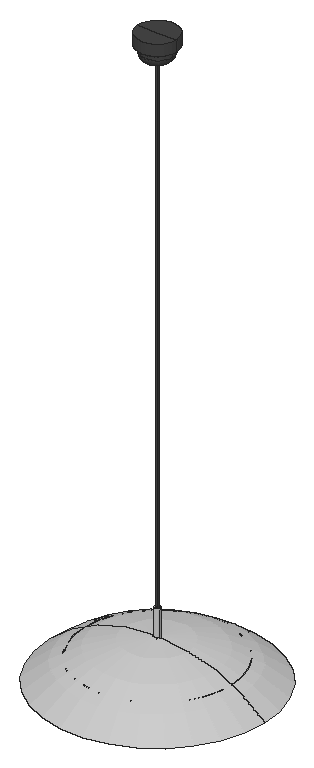
Revit family "Willow 16,20,24,30 LED", category Lighting Fixtures, Revit 2020
Family settings
  Round Connector Dimension = Use Diameter
  Part Type = Normal
  OmniClass Number = 23.80.70.00
  OmniClass Title = Lighting
  Work Plane-Based = No
  Always vertical = Yes
  Cut with Voids When Loaded = No
  Light Source = Yes
  Shared = No
  Room Calculation Point = No
Parameters (values of type "MDW30")
  Weight = "6.5 lbs"
  Wattage Comments = "24W"
  Wattage = 2.4 W
  Warranty = "5 year limited warranty"  # constant formula
  built-in parameter 1150110 = 1 (stored number, unit not read)
  Voltage = 277 V
  URL = "https://www.anplighting.com/assets/Uploads/product-attachments/specification-sheets/ANP-Specification-Sheet-LED-MDW30.pdf"
  built-in parameter 1114217 = 1 (stored number, unit not read)
  Tilt Angle = 90.00°
  built-in parameter 1150109 = 1 (stored number, unit not read)
  built-in parameter 1150134 = (empty or 0)
  built-in parameter 1150113 = 1 (stored number, unit not read)
  Mounting Option [instance] = 1
  Power Factor = 1
  Post Mount [instance] = Mounting Option = 5  # no
  Placement X axis side [instance] = if(Post Mount, 2' 2 15/32", if(Cord or Stem Mount, 0' 0", if(E36 20 inch, 1' 8 1/4", if(E 6 26 inch, 2' 2", if(E7 41 inch, 3' 5 1/4", 0' 1")))))  # 0' - 0"
  Photometric Web File = "MDO24M024LD35K.IES"
  Model = "MDW30"
  Manufacturer = "ANP Lighting"  # constant formula
  MDW30 = yes
  MDW24 = no
  MDW20 = no
  MDW16 = no
  built-in parameter 1150105 = 3000 (stored number, unit not read)
  Lumens = 3000 lm
  built-in parameter 1150115 = 1 (stored number, unit not read)
  Load Classification = Lighting
  Light Source Height [instance] = 0' - 7 3/4"
  built-in parameter 1150137 = (empty or 0)
  built-in parameter 1150139 = (empty or 0)
  Light Elevation _2 [instance] = if(Post Mount, 0' 0.66142", if(E7 41 inch, 0' 0.66142", if(E36 20 inch, 0' 1.65748", if(E 6 26 inch, 0' 1.53543", if(Cord or Stem Mount, (0' 4.3622" + Cord Length), 0' 0")))))  # 6' - 4.3622"
  Light Elevation _1 [instance] = if(Post Mount, 0' 0", if(E7 41 inch, 0' 0", if(E36 20 inch, 0' 1", if(E 6 26 inch, 0' 0.87402", if(Cord or Stem Mount, (0' 3.66142" + Cord Length), 0' 0")))))  # 6' - 3.66142"
  Light Elevation [instance] = if(Post Mount, 14' 0.5315", if(E7 41 inch, 0' 0", 0' 0"))  # 0' - 0"
  Life = "L70 50,000 hours"  # constant formula
  built-in parameter 1150112 = 1 (stored number, unit not read)
  built-in parameter 1150114 = 1 (stored number, unit not read)
  Lamp = "LED"
  built-in parameter 1150132 = 2
  built-in parameter 1150102 = (empty or 0)
  built-in parameter 1150107 = 3500 (stored number, unit not read)
  built-in parameter 1150138 = (empty or 0)
  built-in parameter 1150106 = 30 (stored number, unit not read)
  GLASS = Glass
  Fixture Height = 0' - 8 1/2"
  Fixture Finish = Fixture Finish
  Fixture Diameter = 2' - 6"
  Efficiency = "65-125 lumens per watt"  # constant formula
  built-in parameter 1150104 = 116.13 (stored number, unit not read)
  E7 41 inch [instance] = Mounting Option = 4  # no
  E36 20 inch [instance] = Mounting Option = 3  # no
  E 6 26 inch [instance] = Mounting Option = 2  # no
  Dimming Lamp Color Temperature Shift = <None>
  Dimming = "1%"  # constant formula
  Description = "120-277 Voltage"  # constant formula
  Default Elevation = 0' - 0"
  Cord or Stem Mount [instance] = Mounting Option = 1  # yes
  Cord Length option [instance] = 0
  Cord Length [instance] = if([2' Cord], 2' 0", if([4' Cord], 4' 0", if([8' Cord], 8' 0", if([10' Cord], 10' 0", if([6' Cord], 6' 0", 6' 0")))))  # 6' - 0"
  Construction Material = "Heavy Duty spun aluminum."  # constant formula
  Color Filter = 16777215
  CRI = ">90"  # constant formula
  Body Material = body
  Body Colour = "Spun aluminium"  # constant formula
  built-in parameter 1114218 = 1 (stored number, unit not read)
  built-in parameter 1150133 = 10 (stored number, unit not read)
  Apparent Load = 24 VA
  8' Cord [instance] = Cord Length option = 8  # no
  6' Cord [instance] = Cord Length option = 6  # no
  4' Cord [instance] = Cord Length option = 4  # no
  2' Cord [instance] = Cord Length option = 2  # no
  10' Cord [instance] = Cord Length option = 10  # no
Types (5): name | Weight | Wattage Comments | Wattage | URL | Photometric Web File | Model | MDW30 | MDW24 | MDW20 | MDW16 | built-in parameter 1150105 | Lumens | Light Source Height | built-in parameter 1150106 | Fixture Height | Fixture Diameter | Apparent Load
  (no name) | "6.5 lbs" | "24W" | 2.4 W | "https://www.anplighting.com/assets/Uploads/product-attachments/specification-sheets/ANP-Specification-Sheet-LED-MDW30.pdf" | "MDO24M024LD35K.IES" | "MDW30" | yes | no | no | no | 3000 (stored number, unit not read) | 3000 lm | 0' - 7 3/4" | 30 (stored number, unit not read) | 0' - 8 1/2" | 2' - 6" | 24 VA
  MDW16 | "5 lbs" | "16W" | 1.6 W | "https://www.anplighting.com/assets/Uploads/product-attachments/specification-sheets/ANP-Specification-Sheet-LED-MDW16.pdf" | "MDW16M016LD35K.IES" | "MDW16" | no | no | no | yes | 159.15 (stored number, unit not read) | 2000 lm | 0' - 4" | 1.5915 (stored number, unit not read) | 0' - 4 1/2" | 1' - 4" | 16 VA
  MDW20 | "5.5 lbs" | "16W" | 1.6 W | "https://www.anplighting.com/assets/Uploads/product-attachments/specification-sheets/ANP-Specification-Sheet-LED-MDW20.pdf" | "MDW16M016LD35K.IES" | "MDW20" | no | no | yes | no | 2000 (stored number, unit not read) | 2000 lm | 0' - 4 1/2" | 20 (stored number, unit not read) | 0' - 5 1/2" | 1' - 8" | 16 VA
  MDW24 | "6.0 lbs" | "24W" | 2.4 W | "https://www.anplighting.com/assets/Uploads/product-attachments/specification-sheets/ANP-Specification-Sheet-LED-MDW24.pdf" | "MDW24M024LD35K.IES" | "MDW24" | no | yes | no | no | 3000 (stored number, unit not read) | 3000 lm | 0' - 6" | 30 (stored number, unit not read) | 0' - 6 1/2" | 2' - 0" | 24 VA
  MDW30 | "6.5 lbs" | "24W" | 2.4 W | "https://www.anplighting.com/assets/Uploads/product-attachments/specification-sheets/ANP-Specification-Sheet-LED-MDW30.pdf" | "MDO24M024LD35K.IES" | "MDW30" | yes | no | no | no | 3000 (stored number, unit not read) | 3000 lm | 0' - 7 3/4" | 30 (stored number, unit not read) | 0' - 8 1/2" | 2' - 6" | 24 VA
Reference planes (in)
  plane 1 "Light Source Axis (F/B)": y = 0
  plane 2: z = 0
  plane 3 "Light Source Axis (L/R)": x = 0
  plane 4 "Light Source Elevation": z = 0
  plane 5: z = 0
  plane 6: x = 0
  plane 7 "Bulb Position": z = -76.3622
  plane 8 "Canopy Position": z = -75.66142
  plane 9 "IES": z = -84.1122
Dimensions and locks (in)
  "Light Elevation": plane 5 to plane 2
  "Placement X axis side": plane 6 to plane 3 "Light Source Axis (L/R)"
  "Light Elevation _2": plane 5 to plane 7 "Bulb Position"
  "Light Elevation _1": plane 5 to plane 8 "Canopy Position"
  "Light Source Height": plane 7 "Bulb Position" to plane 9 "IES"
  locked: plane 4 "Light Source Elevation" to plane 2
  aligned and locked: level to plane 2
  aligned and locked: plane 1 "Light Source Axis (F/B)" to nested 5
  aligned and locked: nested 5 to plane 2
  aligned and locked: nested 1 to plane 3 "Light Source Axis (L/R)"
  aligned and locked: plane 3 "Light Source Axis (L/R)" to nested 2
  aligned and locked: plane 3 "Light Source Axis (L/R)" to nested 4
  aligned and locked: nested 3 to plane 5
  aligned and locked: plane 3 "Light Source Axis (L/R)" to nested 3
  aligned and locked: plane 3 "Light Source Axis (L/R)" to nested 5
  aligned and locked: plane 1 "Light Source Axis (F/B)" to nested 2
  aligned and locked: plane 1 "Light Source Axis (F/B)" to nested 1
  aligned and locked: plane 1 "Light Source Axis (F/B)" to nested 4
  aligned and locked: plane 1 "Light Source Axis (F/B)" to nested 3
  aligned and locked: plane 2 to nested 1
  aligned and locked: plane 2 to nested 2
  aligned and locked: nested 4 to plane 2
  aligned and locked: imposter light to plane 9 "IES"
  aligned and locked: imposter light to plane 6
  aligned and locked: nested 6 to plane 8 "Canopy Position"
  aligned and locked: nested 7 to plane 8 "Canopy Position"
  aligned and locked: nested 8 to plane 8 "Canopy Position"
  aligned and locked: nested 9 to plane 8 "Canopy Position"
  aligned and locked: nested 6 to plane 6
  aligned and locked: nested 7 to plane 6
  aligned and locked: nested 8 to plane 6
  aligned and locked: nested 9 to plane 6
Nested families (in)
  nested 1: "CORD OR STEM MOUNT" at (0, 0, -75.67), visible <- "Cord or Stem Mount", Cord or Stem Mount <- "Cord or Stem Mount", Body Material <- "Body Material", Light Elevation <- "Light Elevation", Cord Length <- "Cord Length", 10' Cord <- "10' Cord", 2' Cord <- "2' Cord", 4' Cord <- "4' Cord", 6' Cord <- "6' Cord", 8' Cord <- "8' Cord", type "CORD OR STEM MOUNT"
    with Light Elevation 0' - 0", Cord or Stem Mount yes, Cord Length 6' - 0", Body Material body, 8' Cord no, 6' Cord no, 4' Cord no, 2' Cord no, 10' Cord no
  nested 2: "E6 26 INCH" at (0, 0, 0), visible <- "E 6 26 inch", Chain Length <- "Cord Length", E 6 26 inch <- "E 6 26 inch", Placement X axis side <- "Placement X axis side", Body Material <- "Body Material", Light Elevation <- "Light Elevation", type "E6 26 INCH"
    with Placement X axis side 0' - 0", Light Elevation 0' - 0", E 6 26 inch no, Chain Length 6' - 0", Body Material body
  nested 3: "E7 41 INCH" at (0, 0, 0), Chain Length <- "Cord Length", visible <- "E7 41 inch", E7 41 inch <- "E7 41 inch", Placement X axis side <- "Placement X axis side", Body Material <- "Body Material", Light Elevation <- "Light Elevation", type "E7 41 INCH"
    with Placement X axis side 0' - 0", Light Elevation 0' - 0", E7 41 inch no, Chain Length 6' - 0", Body Material body
  nested 4: "E36 20 INCH" at (0, 0, 0), visible <- "E36 20 inch", E36 20 inch <- "E36 20 inch", Placement X axis side <- "Placement X axis side", Chain Length <- "Cord Length", Body Material <- "Body Material", Light Elevation <- "Light Elevation", type "E36 20 INCH"
    with Placement X axis side 0' - 0", Light Elevation 0' - 0", E36 20 inch no, Chain Length 6' - 0", Body Material body
  nested 5: "POST MOUNT" at (0, 0, 0), visible <- "Post Mount", Post Mount <- "Post Mount", Placement X axis side <- "Placement X axis side", Chain Length <- "Cord Length", Body Material <- "Body Material", Light Elevation <- "Light Elevation", type "POST MOUNT"
    with Post Mount no, Placement X axis side 0' - 0", Light Elevation 0' - 0", Chain Length 6' - 0", Body Material body
  nested 6: "MDW16A" at (0, 0, -75.66142), Light Elevation <- "Light Elevation", Body <- "Fixture Finish", MDW16 <- "MDW16", visible <- "MDW16", GLASS <- "GLASS", type "MDW16A"
    with MDW16 no, Light Elevation 0' - 0", GLASS Glass, Body Fixture Finish
  nested 7: "MDW20A" at (0, 0, -75.66142), Light Elevation <- "Light Elevation", Body <- "Fixture Finish", MDW20 <- "MDW20", visible <- "MDW20", GLASS <- "GLASS", type "MDW20A"
    with MDW20 no, Light Elevation 0' - 0", GLASS Glass, Body Fixture Finish
  nested 8: "MDW24A" at (0, 0, -75.66142), Light Elevation <- "Light Elevation", Body <- "Fixture Finish", MDW24 <- "MDW24", visible <- "MDW24", GLASS <- "GLASS", type "MDW24A"
    with MDW24 no, Light Elevation 0' - 0", GLASS Glass, Body Fixture Finish
  nested 9: "MDW30A" at (0, 0, -75.66142), Light Elevation <- "Light Elevation", Body <- "Fixture Finish", MDW30 <- "MDW30", visible <- "MDW30", type "MDW30A"
    with MDW30 yes, Light Elevation 0' - 0", Body Fixture Finish
Definition of nested family "CORD OR STEM MOUNT"
  Parameters (values of type "CORD OR STEM MOUNT")
    URL = ""
    Model = ""
    Manufacturer = ""
    Light Elevation [instance] = 1' - 7.69"
    Default Elevation = 0' - 0"
    Cord or Stem Mount [instance] = yes
    Cord Length [instance] = 6' - 0"
    Body Material [instance] = none
    8' Cord [instance] = no
    6' Cord [instance] = no
    4' Cord [instance] = no
    2' Cord [instance] = no
    10' Cord [instance] = no
  Reference planes (in)
    plane 1 "Light Source Axis (F/B)": y = 0
    plane 2: z = 0
    plane 3 "Light Source Axis (L/R)": x = 0
    plane 4 "Light Source Elevation": z = 23.125
    plane 5: z = 91.69
    plane 6: z = 19.69
  Forms (in)
    Extrusion 1, void, not visible
      sketch origin (0, 0, 2.38154) x (1, 0, 0) y (0, 0, 1)
        loop
          circle (0, 4.59925) r 0.16583
      from 1.18594 to 1.75
    Extrusion 2, void, not visible
      sketch origin (0, 0, 2.38154) x (0.707107, -0.707107, 0) y (0, 0, 1)
        loop
          circle (0, 4.59925) r 0.16583
      from 1.18594 to 1.75
    Extrusion 3, void, not visible
      sketch origin (0, 0, 2.38154) x (0.707107, 0.707107, 0) y (0, 0, 1)
        loop
          circle (0, 4.59925) r 0.16583
      from 1.18594 to 1.75
    Extrusion 4, void, not visible
      sketch origin (0, 0, 2.38154) x (0, 1, 0) y (0, 0, 1)
        loop
          circle (0, 4.59925) r 0.16583
      from 1.18594 to 1.75
    Extrusion 5, void, not visible
      sketch origin (0, 0, 2.38154) x (-0.707107, 0.707107, 0) y (0, 0, 1)
        loop
          circle (0, 4.59925) r 0.16583
      from 1.18594 to 1.75
    Extrusion 6, void, not visible
      sketch origin (0, 0, 2.38154) x (-1, 0, 0) y (0, 0, 1)
        loop
          circle (0, 4.59925) r 0.20678
      from 1.18594 to 1.75
    Extrusion 7, void, not visible
      sketch origin (0, 0, 2.38154) x (-0.707107, -0.707107, 0) y (0, 0, 1)
        loop
          circle (0, 4.59925) r 0.16583
      from 1.18594 to 1.75
    Extrusion 8, void, not visible
      sketch origin (0, 0, 2.38154) x (0, -1, 0) y (0, 0, 1)
        loop
          circle (0, 4.59925) r 0.16583
      from 1.18594 to 1.75
    Revolve 9, solid, material <- "Body Material", visible <- "Cord or Stem Mount"
      sketch origin (0, 0, 174.56698) x (1, 0, 0) y (0, 0, 1)
        loop
          line (2.6875, -79.20698) -> (0, -79.20698) -> (0, -82.87698) -> (0.125, -82.87698) -> (0.125, -82.83698) -> (0.75, -82.83698)
          arc (0.75, -82.83698) -> (0.81694, -82.77004) -> (0.75, -82.7031) r 0.06694
          line (0.75, -82.7031) -> (0.89763, -82.7031) -> (1.00223, -82.5985) -> (1.06587, -82.5985)
          arc (1.06587, -82.5985) -> (1.80099, -82.29401) -> (2.10549, -81.55888) r 1.03962
          line (2.10549, -81.55888) -> (2.10549, -81.03899)
          arc (2.10549, -81.03899) -> (2.12951, -80.981) -> (2.1875, -80.95698) r 0.08201
          line (2.1875, -80.95698) -> (2.1875, -80.70698) -> (2.6875, -80.70698) -> (2.6875, -79.20698)
        axis (0, -79.20698) -> (0, -82.87698)
      angle from 0 to 360
    Revolve 10, solid, material <- "Body Material", visible <- "Cord or Stem Mount"
      sketch origin (0, 0, 0) x (1, 0, 0) y (0, 0, 1)
        loop
          line (0, 91.69) -> (-0.125, 91.69) -> (-0.125, 19.69) -> (0, 19.69) -> (0, 91.69)
        axis (0, 19.69) -> (0, 91.69)
      angle from 0 to 360
  Dimensions and locks (in)
    "Light Elevation": plane 6 to plane 2
    "Cord Length": plane 5 to plane 6
    locked: Revolve 10 sketch curve to Revolve 10 sketch curve at 0.125
    aligned and locked: level to plane 2
    aligned and locked: Revolve 10 sketch curve to plane 3 "Light Source Axis (L/R)"
    aligned and locked: Revolve 10 sketch curve to plane 6
    aligned and locked: Revolve 10 sketch curve to plane 5
    aligned and locked: plane 3 "Light Source Axis (L/R)" to Revolve 10 sketch curve
  Automatic sketch dimensions
    Revolve 9 sketch curve to plane 3 "Light Source Axis (L/R)" = 0' - 0"  (x2)
    Revolve 9 sketch curve to plane 5 = 0' - 0"
    plane 3 "Light Source Axis (L/R)" to Revolve 9 sketch curve = 0' - 0 1/8"
    Revolve 9 sketch curve to plane 5 = 0' - 0.17388"
    Revolve 9 sketch curve to Revolve 9 sketch curve = 0' - 0 5/8"
    Revolve 9 sketch curve to Revolve 9 sketch curve = 0' - 0.14763"
    Revolve 9 sketch curve to plane 5 = 0' - 0.27847"
    Revolve 9 sketch curve to Revolve 9 sketch curve = 0' - 0.1046"
    Revolve 9 sketch curve to Revolve 9 sketch curve = 0' - 0.06364"
    Revolve 9 sketch curve to Revolve 9 sketch curve = 0' - 1.03962"
    Revolve 9 sketch curve to Revolve 9 sketch curve = 0' - 0 21/256"
    Revolve 9 sketch curve to Revolve 9 sketch curve = 0' - 0 1/2"  (x2)
    Revolve 9 sketch curve to Revolve 9 sketch curve = 0' - 0.51989"
    Revolve 9 sketch curve to Revolve 9 sketch curve = 0' - 0 1/4"
    Revolve 9 sketch curve to Revolve 9 sketch curve = 0' - 2.3519"
    Revolve 9 sketch curve to Revolve 9 sketch curve = 0' - 1 1/4"
    Revolve 9 sketch curve to Revolve 9 sketch curve = 0' - 0.04"
    Revolve 10 sketch curve to Revolve 10 sketch curve = 0' - 0 1/2"
    Revolve 10 sketch curve to Revolve 10 sketch curve = 0' - 0.42345"
Definition of nested family "MDW30A"
  Parameters (values of type "MDW30A")
    MDW30 [instance] = yes
    Light Elevation [instance] = 0' - 0"
    GLASS = none
    Default Elevation = 0' - 0"
    Body [instance] = none
  Reference planes (in)
    plane 1 "Center (Front/Back)": y = 0
    plane 2: z = 0
    plane 3 "Center (Left/Right)": x = 0
    plane 4: z = 0
  Dimensions and locks (in)
    "Light Elevation": plane 4 to plane 2
    aligned and locked: plane 2 to level
    aligned and locked: plane 3 "Center (Left/Right)" to nested 1
    aligned and locked: plane 1 "Center (Front/Back)" to nested 1
    aligned and locked: nested 1 to plane 4
  Nested families (in)
    nested 1: "MDW30" at (0, 0, -8.5), Body <- "Body", visible <- "MDW30", MDW30 <- "MDW30", GLASS <- "GLASS", type "MDW30"
      with Body none
  Definition of nested family "MDW30"
    Parameters (values of type "MDW30")
      MDW30 [instance] = yes
      GLASS [instance] = none
      Default Elevation = 0' - 0"
      Body [instance] = none
    Reference planes (in)
      plane 1 "Center (Front/Back)": y = 0
      plane 2: z = 0
      plane 3 "Center (Left/Right)": x = 0
    Forms (in)
      Revolve 1, solid, material <- "Body", visible <- "MDW30"
        sketch origin (-57.62169, 0, 0) x (1, 0, 0) y (0, 0, 1)
          loop
            arc (47.50929, 4.60848) -> (49.78279, 3.89284) -> (51.71695, 2.5) r 7.5
            arc (51.71695, 2.5) -> (52.62971, 1.39757) -> (53.31642, 0.14183) r 7.5
            arc (53.31642, 0.14183) -> (53.40269, 0.03865) -> (53.5315, 0) r 0.234
            line (53.5315, 0) -> (54.62169, 0) -> (54.62169, 0.08) -> (53.5315, 0.08)
            arc (53.5315, 0.08) -> (53.44673, 0.10544) -> (53.38995, 0.17334) r 0.154
            arc (53.38995, 0.17334) -> (52.69591, 1.44248) -> (51.77342, 2.55667) r 7.58
            arc (51.77342, 2.55667) -> (49.81863, 3.96436) -> (47.52088, 4.68763) r 7.58
            arc (47.52088, 4.68763) -> (47.42667, 4.73931) -> (47.38919, 4.84001) r 0.154
            line (47.38919, 4.84001) -> (47.38919, 5.96875) -> (47.30919, 5.96875) -> (47.30919, 4.84001)
            arc (47.30919, 4.84001) -> (47.36614, 4.687) -> (47.50929, 4.60848) r 0.234
          axis (57.62169, 0) -> (57.62169, 5.96875)
        angle from 0 to 360
      Revolve 2, solid, material <- "Body", visible <- "MDW30"
        sketch origin (-36.56952, 0, 0) x (1, 0, 0) y (0, 0, 1)
          loop
            line (34.47311, 2.72353) -> (33.38868, 0.3137)
            arc (33.38868, 0.3137) -> (33.34257, 0.26003) -> (33.27469, 0.24) r 0.125
            line (33.27469, 0.24) -> (32.44452, 0.24) -> (32.44452, 0.16) -> (33.27469, 0.16)
            arc (33.27469, 0.16) -> (33.386, 0.19285) -> (33.46164, 0.28088) r 0.205
            line (33.46164, 0.28088) -> (34.54606, 2.6907)
            arc (34.54606, 2.6907) -> (34.60878, 2.7637) -> (34.70109, 2.79094) r 0.17
            line (34.70109, 2.79094) -> (35.06952, 2.79094) -> (35.06952, 2.87094) -> (34.70109, 2.87094)
            arc (34.70109, 2.87094) -> (34.56534, 2.83088) -> (34.47311, 2.72353) r 0.25
          axis (36.56952, 0.16) -> (36.56952, 2.87094)
        angle from 0 to 360
      Revolve 3, solid, material <- "Body", visible <- "MDW30"
        sketch origin (-92.15477, 0, 0) x (1, 0, 0) y (0, 0, 1)
          loop
            line (77.15477, 2.875) -> (77.27385, 2.875)
            arc (77.27385, 2.875) -> (83.96501, 6.98593) -> (91.68607, 8.42) r 21.50216
            line (91.68607, 8.42) -> (91.95945, 8.42) -> (91.95945, 8.5) -> (91.68607, 8.5)
            arc (91.68607, 8.5) -> (83.89506, 7.04468) -> (77.15477, 2.875) r 21.58216
          axis (92.15477, 8.5) -> (92.15477, 2.875)
        angle from 0 to 360
      Revolve 4, solid, material <- "Body", visible <- "MDW30"
        sketch origin (-36.56952, 0, 0) x (1, 0, 0) y (0, 0, 1)
          loop
            line (36.38202, 12.125) -> (36.19452, 12.125) -> (36.19452, 8.125) -> (36.38202, 8.125) -> (36.38202, 12.125)
          axis (36.56952, 12.125) -> (36.56952, 8.125)
        angle from 0 to 360
      Revolve 5, solid, material <- "GLASS", visible <- "MDW30"
        sketch origin (0, 0, 0) x (1, 0, 0) y (0, 0, 1)
          loop
            line (0, 0.08) -> (0, 0.16) -> (-4.125, 0.16) -> (-4.125, 0.08) -> (0, 0.08)
          axis (0, 0.16) -> (0, 0.08)
        angle from 0 to 360
    Dimensions and locks (in)
      aligned and locked: plane 2 to level
Definition of nested family "E6 26 INCH"
  Parameters (values of type "E6 26 INCH")
    URL = ""
    Placement X axis side [instance] = 2' - 2"
    Model = ""
    Manufacturer = ""
    Light Elevation [instance] = 8' - 4"
    E 6 26 inch [instance] = yes
    Default Elevation = 0' - 0"
    Chain Length [instance] = 0' - 0"
    Body Material [instance] = none
  Reference planes (in)
    plane 1 "Light Source Axis (F/B)": y = 0
    plane 2: z = 0
    plane 3 "Light Source Axis (L/R)": x = 0
    plane 4 "Light Source Elevation": z = 23.125
    plane 5: z = 100
    plane 6: x = -26
    plane 7: z = 99.125
    plane 8: x = -24.12
    plane 9: x = -25.5474
  Forms (in)
    Extrusion 1, void, not visible
      sketch origin (0, 0, 2.38154) x (1, 0, 0) y (0, 0, 1)
        loop
          circle (0, 4.59925) r 0.16583
      from 1.18594 to 1.75
    Extrusion 2, void, not visible
      sketch origin (0, 0, 2.38154) x (0.707107, -0.707107, 0) y (0, 0, 1)
        loop
          circle (0, 4.59925) r 0.16583
      from 1.18594 to 1.75
    Extrusion 3, void, not visible
      sketch origin (0, 0, 2.38154) x (0.707107, 0.707107, 0) y (0, 0, 1)
        loop
          circle (0, 4.59925) r 0.16583
      from 1.18594 to 1.75
    Extrusion 4, void, not visible
      sketch origin (0, 0, 2.38154) x (0, 1, 0) y (0, 0, 1)
        loop
          circle (0, 4.59925) r 0.16583
      from 1.18594 to 1.75
    Extrusion 5, void, not visible
      sketch origin (0, 0, 2.38154) x (-0.707107, 0.707107, 0) y (0, 0, 1)
        loop
          circle (0, 4.59925) r 0.16583
      from 1.18594 to 1.75
    Extrusion 6, void, not visible
      sketch origin (0, 0, 2.38154) x (-1, 0, 0) y (0, 0, 1)
        loop
          circle (0, 4.59925) r 0.20678
      from 1.18594 to 1.75
    Extrusion 7, void, not visible
      sketch origin (0, 0, 2.38154) x (-0.707107, -0.707107, 0) y (0, 0, 1)
        loop
          circle (0, 4.59925) r 0.16583
      from 1.18594 to 1.75
    Extrusion 8, void, not visible
      sketch origin (0, 0, 2.38154) x (0, -1, 0) y (0, 0, 1)
        loop
          circle (0, 4.59925) r 0.16583
      from 1.18594 to 1.75
    Sweep 9, solid, material <- "Body Material", visible <- "E 6 26 inch"
      path origin (-41.25, 0, 168.51693) x (1, 0, 0) y (0, 0, 1)
        loop
          line (17.13, -68.51693) -> (27.68551, -68.51693)
          arc (27.68551, -68.51693) -> (28.47996, -68.34486) -> (29.13202, -67.8595) r 1.92004
          line (29.13202, -67.8595) -> (34.23651, -62.01155)
          arc (34.23651, -62.01155) -> (38.65464, -60.89667) -> (41.25, -64.64193) r 4
          line (41.25, -64.64193) -> (41.25, -69.39193)
      profile origin (-18.84224, 0, 100) x (0, 0, 1) y (0, -1, 0)
        loop
          circle (0, 0) r 0.5
    Revolve 10, solid, material <- "Body Material", visible <- "E 6 26 inch"
      sketch origin (-26, 0, 168.51693) x (1, 0, 0) y (0, 0, 1)
        loop
          line (0, -66.07943) -> (0, -68.51693) -> (1.88, -68.51693) -> (1.88, -67.69272) -> (0.4526, -67.69272) -> (0.4526, -66.54122) -> (0.33125, -66.54122) -> (0.33125, -66.07943) -> (0, -66.07943)
        axis (0, -68.51693) -> (1.88, -68.51693)
      angle from 0 to 360
    Extrusion 11, solid, material <- "Body Material", visible <- "E 6 26 inch"
      sketch origin (-26, 0, 168.51693) x (0, -1, 0) y (0, 0, -1)
        loop
          line (0.25, 68.51693) -> (0.25, 69.51693) -> (-0.25, 69.51693) -> (-0.25, 68.51693) -> (0.25, 68.51693)
      from 0.4526 to 1.88
  Cuts and joins
    joined: Revolve 10, Extrusion 11
  Dimensions and locks (in)
    "Light Elevation": plane 5 to plane 2
    "Placement X axis side": plane 3 "Light Source Axis (L/R)" to plane 6
    locked: plane 5 to plane 7 at 0.875
    Revolve 10 sketch curve to Revolve 10 sketch curve to Revolve 10 sketch curve to plane 6 = 0' - 1.4274" locked, 0' - 0.12135" locked, 0' - 0.33125" locked
    Revolve 10 sketch curve to Revolve 10 sketch curve to Revolve 10 sketch curve to plane 5 = 0' - 0.46179" locked, 0' - 1.1515" locked, 0' - 0 211/256" locked
    locked: Sweep 9 sketch curve to plane 6 at 1.88
    locked: Sweep 9 sketch curve to Sweep 9 sketch curve at 10.55551
    locked: Sweep 9 sketch curve to Sweep 9 sketch curve at 13.56449
    locked: Sweep 9 sketch curve to Sweep 9 sketch curve at 4.75
    locked: plane 9 to plane 6 at 0.4526
    locked: plane 8 to plane 9 at 1.4274
    aligned and locked: level to plane 2
    aligned and locked: Revolve 10 sketch curve to plane 6
    aligned and locked: plane 5 to Revolve 10 sketch curve
    aligned and locked: Revolve 10 sketch curve to plane 5
    aligned and locked: cut or joined group of Revolve 10, Extrusion 11 to plane 9
    aligned and locked: plane 8 to cut or joined group of Revolve 10, Extrusion 11
  Automatic sketch dimensions
    Sweep 9 sketch curve to plane 5 = 0' - 0"
    Sweep 9 sketch curve to Sweep 9 sketch curve = 0' - 4"
    Sweep 9 sketch curve to Sweep 9 sketch curve = 0' - 3.01349"
    plane 5 to Sweep 9 sketch curve = 0' - 0.65743"
    Sweep 9 sketch curve to Sweep 9 sketch curve = 0' - 1.4465"
    Sweep 9 sketch curve to plane 5 = 0' - 0 7/8"
    profile plane to Sweep 9 sketch curve = 0' - 0"
    Sweep 9 sketch curve to profile plane = 0' - 0"
    plane 6 to Revolve 10 sketch curve = 0' - 0.62562"
    Revolve 10 sketch curve to Revolve 10 sketch curve = 0' - 0 1/2"
    Extrusion 11 sketch curve to plane 5 = 0' - 0"
    plane 1 "Light Source Axis (F/B)" to Extrusion 11 sketch curve = 0' - 0 1/4"
    Extrusion 11 sketch curve to plane 1 "Light Source Axis (F/B)" = 0' - 0 1/4"
    plane 5 to Extrusion 11 sketch curve = 0' - 1"
    radius of Sweep 9 sketch curve = 0' - 0 1/2"
Definition of nested family "E7 41 INCH"
  Parameters (values of type "E7 41 INCH")
    URL = ""
    Placement X axis side [instance] = 4' - 2"
    Model = ""
    Manufacturer = ""
    Light Elevation [instance] = 8' - 4"
    E7 41 inch [instance] = yes
    Default Elevation = 0' - 0"
    Chain Length [instance] = 0' - 0"
    Body Material [instance] = none
  Reference planes (in)
    plane 1 "Light Source Axis (F/B)": y = 0
    plane 2: z = 0
    plane 3 "Light Source Axis (L/R)": x = 0
    plane 4 "Light Source Elevation": z = 23.125
    plane 5: z = 100
    plane 6: x = -50
  Forms (in)
    Extrusion 1, void, not visible
      sketch origin (0, 0, 2.38154) x (1, 0, 0) y (0, 0, 1)
        loop
          circle (0, 4.59925) r 0.16583
      from 1.18594 to 1.75
    Extrusion 2, void, not visible
      sketch origin (0, 0, 2.38154) x (0.707107, -0.707107, 0) y (0, 0, 1)
        loop
          circle (0, 4.59925) r 0.16583
      from 1.18594 to 1.75
    Extrusion 3, void, not visible
      sketch origin (0, 0, 2.38154) x (0.707107, 0.707107, 0) y (0, 0, 1)
        loop
          circle (0, 4.59925) r 0.16583
      from 1.18594 to 1.75
    Extrusion 4, void, not visible
      sketch origin (0, 0, 2.38154) x (0, 1, 0) y (0, 0, 1)
        loop
          circle (0, 4.59925) r 0.16583
      from 1.18594 to 1.75
    Extrusion 5, void, not visible
      sketch origin (0, 0, 2.38154) x (-0.707107, 0.707107, 0) y (0, 0, 1)
        loop
          circle (0, 4.59925) r 0.16583
      from 1.18594 to 1.75
    Extrusion 6, void, not visible
      sketch origin (0, 0, 2.38154) x (-1, 0, 0) y (0, 0, 1)
        loop
          circle (0, 4.59925) r 0.20678
      from 1.18594 to 1.75
    Extrusion 7, void, not visible
      sketch origin (0, 0, 2.38154) x (-0.707107, -0.707107, 0) y (0, 0, 1)
        loop
          circle (0, 4.59925) r 0.16583
      from 1.18594 to 1.75
    Extrusion 8, void, not visible
      sketch origin (0, 0, 2.38154) x (0, -1, 0) y (0, 0, 1)
        loop
          circle (0, 4.59925) r 0.16583
      from 1.18594 to 1.75
    Revolve 9, solid, material <- "Body Material", visible <- "E7 41 inch"
      sketch origin (-41.25, 0, 168.39193) x (1, 0, 0) y (0, 0, 1)
        loop
          line (-8.75, -66.20443) -> (-8.75, -68.51693) -> (-6.87, -68.51693) -> (-6.87, -67.69272) -> (-8.2974, -67.69272) -> (-8.2974, -66.54122) -> (-8.41875, -66.54122) -> (-8.41875, -66.20443) -> (-8.75, -66.20443)
        axis (-8.75, -68.51693) -> (-6.87, -68.51693)
      angle from 0 to 360
    Extrusion 10, solid, material <- "Body Material", visible <- "E7 41 inch"
      sketch origin (-41.25, 0, 168.39193) x (0, -1, 0) y (0, 0, -1)
        loop
          line (0.25, 68.51693) -> (0.25, 69.51693) -> (-0.25, 69.51693) -> (-0.25, 68.51693) -> (0.25, 68.51693)
      from -8.2974 to -6.87
    Sweep 11, solid, material <- "Body Material", visible <- "E7 41 inch"
      path origin (-41.25, 0, 168.39193) x (1, 0, 0) y (0, 0, 1)
        loop
          line (-6.87, -68.51693) -> (16.04011, -68.51693)
          arc (16.04011, -68.51693) -> (17.864, -68.13651) -> (19.38375, -67.0587) r 4.5625
          line (19.38375, -67.0587) -> (24.70217, -61.33018)
          arc (24.70217, -61.33018) -> (29.64465, -60.20324) -> (32.5, -64.39193) r 4.5
          line (32.5, -64.39193) -> (32.5, -68.39193)
      profile origin (-36.66494, 0, 99.875) x (0, 0, 1) y (0, -1, 0)
        loop
          circle (0, 0) r 0.5
  Dimensions and locks (in)
    "Placement X axis side": plane 3 "Light Source Axis (L/R)" to plane 6
    "Light Elevation": plane 5 to plane 2
    locked: Revolve 9 sketch curve to Revolve 9 sketch curve at 0.33125
    locked: Revolve 9 sketch curve to Revolve 9 sketch curve at 0.4526
    locked: Revolve 9 sketch curve to Revolve 9 sketch curve at 1.88
    locked: Revolve 9 sketch curve to Revolve 9 sketch curve at 0.82421
    locked: Revolve 9 sketch curve to Revolve 9 sketch curve at 1.1515
    locked: Revolve 9 sketch curve to Revolve 9 sketch curve at 0.33679
    locked: plane 5 to Revolve 9 sketch curve at 0.125
    locked: Extrusion 10 sketch curve to Extrusion 10 sketch curve at 0.5
    locked: Extrusion 10 sketch curve to Extrusion 10 sketch curve at 1
    locked: plane 5 to Extrusion 10 sketch curve at 0.125
    locked: plane 5 to Sweep 11 sketch curve at 0.125
    locked: Sweep 11 sketch curve to Sweep 11 sketch curve at 39.37
    locked: Sweep 11 sketch curve to Sweep 11 sketch curve at 4
    locked: plane 6 to Extrusion 10 at 0.4526
    locked: Sweep 11 sketch curve to plane 6 at 1.88
    locked: Extrusion 10 to Extrusion 10 at 1.4274
    aligned and locked: plane 2 to level
    aligned and locked: Revolve 9 sketch curve to plane 6
  Automatic sketch dimensions
    Revolve 9 sketch curve to plane 5 = 0' - 0 1/8"
    plane 6 to Revolve 9 sketch curve = 0' - 0.62562"
    Revolve 9 sketch curve to Revolve 9 sketch curve = 0' - 0 1/2"
    plane 1 "Light Source Axis (F/B)" to Extrusion 10 sketch curve = 0' - 0 1/4"
    Sweep 11 sketch curve to plane 5 = 0' - 0"
    Sweep 11 sketch curve to Sweep 11 sketch curve = 0' - 4 1/2"
    Sweep 11 sketch curve to Sweep 11 sketch curve = 0' - 3.29783"
    plane 5 to Sweep 11 sketch curve = 0' - 1.33323"
    Sweep 11 sketch curve to Sweep 11 sketch curve = 0' - 5.31842"
    Sweep 11 sketch curve to Sweep 11 sketch curve = 0' - 3.34364"
    profile plane to Sweep 11 sketch curve = 0' - 0"
    Sweep 11 sketch curve to profile plane = 0' - 0"
    radius of Sweep 11 sketch curve = 0' - 0 1/2"
Definition of nested family "E36 20 INCH"
  Parameters (values of type "E36 20 INCH")
    URL = ""
    Placement X axis side [instance] = 1' - 8 1/4"
    Model = ""
    Manufacturer = ""
    Light Elevation [instance] = 8' - 4"
    E36 20 inch [instance] = yes
    Default Elevation = 0' - 0"
    Chain Length [instance] = 0' - 0"
    Body Material [instance] = none
  Reference planes (in)
    plane 1 "Light Source Axis (F/B)": y = 0
    plane 2: z = 0
    plane 3 "Light Source Axis (L/R)": x = 0
    plane 4 "Light Source Elevation": z = 23.125
    plane 5: z = 99
    plane 6: x = -20.25
    plane 7: z = 100
    plane 8: x = -18.37008
    plane 9: x = -19.79724
  Forms (in)
    Extrusion 1, void, not visible
      sketch origin (0, 0, 2.38154) x (1, 0, 0) y (0, 0, 1)
        loop
          circle (0, 4.59925) r 0.16583
      from 1.18594 to 1.75
    Extrusion 2, void, not visible
      sketch origin (0, 0, 2.38154) x (0.707107, -0.707107, 0) y (0, 0, 1)
        loop
          circle (0, 4.59925) r 0.16583
      from 1.18594 to 1.75
    Extrusion 3, void, not visible
      sketch origin (0, 0, 2.38154) x (0.707107, 0.707107, 0) y (0, 0, 1)
        loop
          circle (0, 4.59925) r 0.16583
      from 1.18594 to 1.75
    Extrusion 4, void, not visible
      sketch origin (0, 0, 2.38154) x (0, 1, 0) y (0, 0, 1)
        loop
          circle (0, 4.59925) r 0.16583
      from 1.18594 to 1.75
    Extrusion 5, void, not visible
      sketch origin (0, 0, 2.38154) x (-0.707107, 0.707107, 0) y (0, 0, 1)
        loop
          circle (0, 4.59925) r 0.16583
      from 1.18594 to 1.75
    Extrusion 6, void, not visible
      sketch origin (0, 0, 2.38154) x (-1, 0, 0) y (0, 0, 1)
        loop
          circle (0, 4.59925) r 0.20678
      from 1.18594 to 1.75
    Extrusion 7, void, not visible
      sketch origin (0, 0, 2.38154) x (-0.707107, -0.707107, 0) y (0, 0, 1)
        loop
          circle (0, 4.59925) r 0.16583
      from 1.18594 to 1.75
    Extrusion 8, void, not visible
      sketch origin (0, 0, 2.38154) x (0, -1, 0) y (0, 0, 1)
        loop
          circle (0, 4.59925) r 0.16583
      from 1.18594 to 1.75
    Sweep 9, solid, material <- "Body Material", visible <- "E36 20 inch"
      path origin (-41.25, 0, 169.51693) x (1, 0, 0) y (0, 0, 1)
        loop
          line (22.88, -69.51693) -> (28.93827, -69.51693)
          arc (28.93827, -69.51693) -> (29.97705, -69.28152) -> (30.81284, -68.62128) r 2.40953
          line (30.81284, -68.62128) -> (34.13807, -64.50378)
          arc (34.13807, -64.50378) -> (38.58272, -63.24548) -> (41.25, -67.01693) r 4
          line (41.25, -67.01693) -> (41.25, -70.51693)
      profile origin (-15.34086, 0, 100) x (0, 0, 1) y (0, -1, 0)
        loop
          circle (0, 0) r 0.5
    Revolve 10, solid, material <- "Body Material", visible <- "E36 20 inch"
      sketch origin (-20.25, 0, 169.51693) x (1, 0, 0) y (0, 0, 1)
        loop
          line (0, -67.20443) -> (0, -69.51693) -> (1.88, -69.51693) -> (1.88, -68.69272) -> (0.4526, -68.69272) -> (0.4526, -67.54122) -> (0.33125, -67.54122) -> (0.33125, -67.20443) -> (0, -67.20443)
        axis (0, -69.51693) -> (1.88, -69.51693)
      angle from 0 to 360
    Extrusion 11, solid, material <- "Body Material", visible <- "E36 20 inch"
      sketch origin (-20.25, 0, 169.51693) x (0, -1, 0) y (0, 0, -1)
        loop
          line (0.25, 69.51693) -> (0.25, 70.51693) -> (-0.25, 70.51693) -> (-0.25, 69.51693) -> (0.25, 69.51693)
      from 1.87992 to 0.45276
  Cuts and joins
    joined: Revolve 10, Extrusion 11
  Dimensions and locks (in)
    "Light Elevation": plane 7 to plane 2
    "Placement X axis side": plane 3 "Light Source Axis (L/R)" to plane 6
    locked: plane 7 to plane 5 at 1
    Revolve 10 sketch curve to Revolve 10 sketch curve to Revolve 10 sketch curve to plane 7 = 0' - 0.33679" locked, 0' - 1.1515" locked, 0' - 0 211/256" locked
    locked: Sweep 9 sketch curve to plane 6 at 1.88
    locked: Sweep 9 sketch curve to Sweep 9 sketch curve at 6.05827
    locked: Sweep 9 sketch curve to Sweep 9 sketch curve at 12.31173
    locked: Sweep 9 sketch curve to Sweep 9 sketch curve at 3.5
    Revolve 10 sketch curve to Revolve 10 sketch curve to Revolve 10 sketch curve to plane 6 = 0' - 1.4274" locked, 0' - 0.12135" locked, 0' - 0.33125" locked
    locked: plane 9 to plane 6 at 0.45276
    locked: plane 8 to plane 9 at 1.42717
    aligned and locked: level to plane 2
    aligned and locked: plane 7 to Revolve 10 sketch curve
    aligned and locked: Revolve 10 sketch curve to plane 7
    aligned and locked: Revolve 10 sketch curve to plane 6
    aligned and locked: cut or joined group of Revolve 10, Extrusion 11 to plane 9
    aligned and locked: plane 8 to cut or joined group of Revolve 10, Extrusion 11
  Automatic sketch dimensions
    Sweep 9 sketch curve to plane 7 = 0' - 0"
    Sweep 9 sketch curve to plane 5 = 0' - 0"
    Sweep 9 sketch curve to Sweep 9 sketch curve = 0' - 4"
    Sweep 9 sketch curve to plane 7 = 0' - 0.89565"
    Sweep 9 sketch curve to Sweep 9 sketch curve = 0' - 3.32523"
    Sweep 9 sketch curve to Sweep 9 sketch curve = 0' - 1.87457"
    profile plane to Sweep 9 sketch curve = 0' - 0"
    Sweep 9 sketch curve to profile plane = 0' - 0"
    plane 6 to Revolve 10 sketch curve = 0' - 0.62562"
    Revolve 10 sketch curve to Revolve 10 sketch curve = 0' - 0 1/2"
    plane 7 to Extrusion 11 sketch curve = 0' - 0"
    Extrusion 11 sketch curve to plane 5 = 0' - 0"
    plane 1 "Light Source Axis (F/B)" to Extrusion 11 sketch curve = 0' - 0 1/4"
    Extrusion 11 sketch curve to plane 1 "Light Source Axis (F/B)" = 0' - 0 1/4"
    radius of Sweep 9 sketch curve = 0' - 0 1/2"
Definition of nested family "POST MOUNT"
  Parameters (values of type "POST MOUNT")
    URL = ""
    Post Mount [instance] = yes
    Placement X axis side [instance] = 2' - 2 1/2"
    Model = ""
    Manufacturer = ""
    Light Elevation [instance] = 14' - 0.5168"
    Default Elevation = 0' - 0"
    Chain Length [instance] = 0' - 0"
    Body Material [instance] = none
  Reference planes (in)
    plane 1 "Light Source Axis (F/B)": y = 0
    plane 2: z = 0
    plane 3 "Light Source Axis (L/R)": x = 0
    plane 4 "Light Source Elevation": z = 23.125
    plane 5: x = -26.5
    plane 6: z = 168.5168
  Forms (in)
    Extrusion 1, void, not visible
      sketch origin (0, 0, 2.38154) x (1, 0, 0) y (0, 0, 1)
        loop
          circle (0, 4.59925) r 0.16583
      from 1.18594 to 1.75
    Extrusion 2, void, not visible
      sketch origin (0, 0, 2.38154) x (0.707107, -0.707107, 0) y (0, 0, 1)
        loop
          circle (0, 4.59925) r 0.16583
      from 1.18594 to 1.75
    Extrusion 3, void, not visible
      sketch origin (0, 0, 2.38154) x (0.707107, 0.707107, 0) y (0, 0, 1)
        loop
          circle (0, 4.59925) r 0.16583
      from 1.18594 to 1.75
    Extrusion 4, void, not visible
      sketch origin (0, 0, 2.38154) x (0, 1, 0) y (0, 0, 1)
        loop
          circle (0, 4.59925) r 0.16583
      from 1.18594 to 1.75
    Extrusion 5, void, not visible
      sketch origin (0, 0, 2.38154) x (-0.707107, 0.707107, 0) y (0, 0, 1)
        loop
          circle (0, 4.59925) r 0.16583
      from 1.18594 to 1.75
    Extrusion 6, void, not visible
      sketch origin (0, 0, 2.38154) x (-1, 0, 0) y (0, 0, 1)
        loop
          circle (0, 4.59925) r 0.20678
      from 1.18594 to 1.75
    Extrusion 7, void, not visible
      sketch origin (0, 0, 2.38154) x (-0.707107, -0.707107, 0) y (0, 0, 1)
        loop
          circle (0, 4.59925) r 0.16583
      from 1.18594 to 1.75
    Extrusion 8, void, not visible
      sketch origin (0, 0, 2.38154) x (0, -1, 0) y (0, 0, 1)
        loop
          circle (0, 4.59925) r 0.16583
      from 1.18594 to 1.75
    Revolve 9, solid, material <- "Body Material", visible <- "Post Mount"
      sketch origin (-7.90508, 0, 0) x (1, 0, 0) y (0, 0, 1)
        loop
          line (-18.59492, 3.92912) -> (-16.29831, 3.92912) -> (-16.29831, 4.2668) -> (-16.91413, 4.2668) -> (-16.91413, 134.5168) -> (-17.16413, 134.5168) -> (-17.16413, 137.3918) -> (-17.05979, 137.3918)
          arc (-17.05979, 137.3918) -> (-16.93479, 137.5168) -> (-17.05979, 137.6418) r 0.125
          line (-17.05979, 137.6418) -> (-17.48032, 137.6418) -> (-17.48032, 139.0793) -> (-17.73032, 139.0793) -> (-17.73032, 139.5793) -> (-18.59492, 139.5793) -> (-18.59492, 3.92912)
        axis (-18.59492, 139.5793) -> (-18.59492, 3.92912)
      angle from 0 to 360
    Extrusion 10, solid, material <- "Body Material", visible <- "Post Mount"
      sketch origin (0, 0, 0) x (1, 0, 0) y (0, 1, 0)
        loop
          line (-20.5, 5.93079) -> (-32.5, 5.93079) -> (-32.5, -6.06921) -> (-20.5, -6.06921) -> (-20.5, 5.93079)
      from 0 to 3.92912
    Sweep 11, solid, material <- "Body Material", visible <- "Post Mount"
      path origin (0, 0, 48.5) x (1, 0, 0) y (0, 0, 1)
        loop
          line (0, 120.0168) -> (0, 128.0168)
          arc (0, 128.0168) -> (-13.25, 141.2668) -> (-26.5, 128.0168) r 13.25
          line (-26.5, 128.0168) -> (-26.5, 91.0793)
      profile origin (0, 0, 172.5168) x (-1, 0, 0) y (0, -1, 0)
        loop
          circle (0, 0) r 0.5
    Revolve 12, solid, material <- "Body Material", visible <- "Post Mount"
      sketch origin (0, 0, 0) x (1, 0, 0) y (0, 0, 1)
        loop
          line (0, 168.5168) -> (0.75, 168.5168) -> (0.75, 170.7668) -> (0, 170.7668) -> (0, 168.5168)
        axis (0, 170.7668) -> (0, 168.5168)
      angle from 0 to 360
  Cuts and joins
    joined: Revolve 9, Extrusion 10, Sweep 11, Revolve 12
  Dimensions and locks (in)
    "Placement X axis side": plane 3 "Light Source Axis (L/R)" to plane 5
    "Light Elevation": plane 6 to plane 2
    locked: Revolve 12 sketch curve to plane 5 at 26.5  (x2)
    locked: Revolve 9 sketch curve to plane 2 at 3.92912
    locked: Revolve 9 sketch curve to plane 5 at 2.29661
    locked: Revolve 9 sketch curve to plane 5 at 1.68079
    locked: Revolve 9 sketch curve to plane 5 at 1.43079
    locked: Revolve 9 sketch curve to plane 5 at 1.11461
    locked: Revolve 9 sketch curve to plane 5 at 0.86461
    locked: Revolve 9 sketch curve to Revolve 9 sketch curve at 130.58768
    locked: Revolve 9 sketch curve to Revolve 9 sketch curve at 2.875
    locked: Revolve 9 sketch curve to Revolve 9 sketch curve at 0.25
    locked: Revolve 9 sketch curve to Revolve 9 sketch curve at 1.4375
    locked: Revolve 9 sketch curve to Revolve 9 sketch curve at 0.5
    locked: Sweep 11 sketch curve to Sweep 11 sketch curve at 26.5
    locked: Revolve 12 sketch curve to Revolve 12 sketch curve at 0.75
    locked: cut or joined group of Revolve 9, Extrusion 10, Sweep 11, Revolve 12 to plane 2 at 139.5793
    aligned and locked: level to plane 2
    aligned and locked: plane 5 to Sweep 11 sketch curve
    aligned and locked: Revolve 9 sketch curve to plane 5
  Automatic sketch dimensions
    Revolve 9 sketch curve to plane 5 = 0' - 0"
    Revolve 9 sketch curve to Revolve 9 sketch curve = 0' - 0.10434"
    Revolve 9 sketch curve to Revolve 9 sketch curve = 0' - 0.33768"
    Revolve 9 sketch curve to Revolve 9 sketch curve = 0' - 0 1/4"
    Revolve 9 sketch curve to Revolve 9 sketch curve = 0' - 0 7/16"
    Extrusion 10 sketch curve to plane 5 = 0' - 6"
    plane 5 to Extrusion 10 sketch curve = 0' - 6"
    plane 1 "Light Source Axis (F/B)" to Extrusion 10 sketch curve = 0' - 6.06921"
    Extrusion 10 sketch curve to plane 1 "Light Source Axis (F/B)" = 0' - 5.93079"
    Sweep 11 sketch curve to profile plane = 0' - 0"
    profile plane to Sweep 11 sketch curve = 0' - 0"
    Sweep 11 sketch curve to plane 6 = 0' - 0"
    Sweep 11 sketch curve to plane 6 = 0' - 8"
    plane 6 to Sweep 11 sketch curve = 2' - 4 15/16"
    Revolve 12 sketch curve to plane 6 = 0' - 0"
    Revolve 12 sketch curve to plane 6 = 0' - 2 1/4"
    Revolve 12 sketch curve to Revolve 12 sketch curve = 0' - 0 1/2"
    Revolve 12 sketch curve to Revolve 12 sketch curve = 0' - 0"
    radius of Sweep 11 sketch curve = 0' - 0 1/2"
Definition of nested family "MDW16A"
  Parameters (values of type "MDW16A")
    MDW16 [instance] = yes
    Light Elevation [instance] = 0' - 0"
    GLASS [instance] = none
    Default Elevation = 0' - 0"
    Body [instance] = none
  Reference planes (in)
    plane 1 "Center (Front/Back)": y = 0
    plane 2: z = 0
    plane 3 "Center (Left/Right)": x = 0
    plane 4: z = 0
  Dimensions and locks (in)
    "Light Elevation": plane 4 to plane 2
    aligned and locked: plane 2 to level
    aligned and locked: plane 3 "Center (Left/Right)" to nested 1
    aligned and locked: plane 1 "Center (Front/Back)" to nested 1
    aligned and locked: plane 4 to nested 1
  Nested families (in)
    nested 1: "MDW16" at (0, 0, -4.49987), Body <- "Body", visible <- "MDW16", MDW16 <- "MDW16", GLASS <- "GLASS", type "MDW16"
      with MDW16 yes, GLASS none, Body none
  Definition of nested family "MDW16"
    Parameters (values of type "MDW16")
      MDW16 [instance] = yes
      GLASS [instance] = none
      Default Elevation = 0' - 0"
      Body [instance] = none
    Reference planes (in)
      plane 1 "Center (Front/Back)": y = 0
      plane 2: z = 0
      plane 3 "Center (Left/Right)": x = 0
    Forms (in)
      Revolve 1, solid, material <- "Body", visible <- "MDW16"
        sketch origin (-47.36658, 0, -4.65665) x (1, 0, 0) y (0, 0, 1)
          loop
            line (46.11658, 4.65665) -> (46.11658, 4.73665) -> (45.18539, 4.73665)
            arc (45.18539, 4.73665) -> (45.16062, 4.74408) -> (45.14403, 4.76392) r 0.045
            arc (45.14403, 4.76392) -> (44.75342, 5.47201) -> (44.23082, 6.08914) r 4.08
            arc (44.23082, 6.08914) -> (43.19474, 6.81795) -> (41.98506, 7.19386) r 4.08
            arc (41.98506, 7.19386) -> (41.95753, 7.20896) -> (41.94658, 7.23838) r 0.045
            line (41.94658, 7.23838) -> (41.94658, 7.65665) -> (41.86658, 7.65665) -> (41.86658, 7.23838)
            arc (41.86658, 7.23838) -> (41.897, 7.15665) -> (41.97347, 7.1147) r 0.125
            arc (41.97347, 7.1147) -> (43.15943, 6.74617) -> (44.17519, 6.03165) r 4
            arc (44.17519, 6.03165) -> (44.68754, 5.42661) -> (45.0705, 4.73241) r 4
            arc (45.0705, 4.73241) -> (45.11658, 4.67729) -> (45.18539, 4.65665) r 0.125
            line (45.18539, 4.65665) -> (46.11658, 4.65665)
          axis (47.36658, 4.65665) -> (47.36658, 7.65665)
        angle from 0 to 360
      Revolve 2, solid, material <- "Body", visible <- "MDW16"
        sketch origin (-66.51746, 0, -4.65665) x (1, 0, 0) y (0, 0, 1)
          loop
            line (58.51746, 6.15665) -> (58.63678, 6.15665)
            arc (58.63678, 6.15665) -> (62.20787, 8.33146) -> (66.32215, 9.07652) r 11.43042
            line (66.32215, 9.07652) -> (66.32215, 9.15652)
            arc (66.32215, 9.15652) -> (62.13778, 8.39032) -> (58.51746, 6.15665) r 11.51042
          axis (66.51746, 9.15652) -> (66.51746, 6.15665)
        angle from 0 to 360
      Revolve 3, solid, material <- "Body", visible <- "MDW16"
        sketch origin (-34.66336, 0, -4.65678) x (1, 0, 0) y (0, 0, 1)
          loop
            line (34.41336, 9.03165) -> (34.51336, 9.03165) -> (34.51336, 12.03165) -> (34.41336, 12.03165) -> (34.41336, 9.03165)
          axis (34.66336, 12.03165) -> (34.66336, 9.03165)
        angle from 0 to 360
      Revolve 4, solid, material <- "GLASS", visible <- "MDW16"
        sketch origin (0, 0, 0) x (1, 0, 0) y (0, 0, 1)
          loop
            line (0, 0.08) -> (0, 0.1425) -> (-1.25, 0.1425) -> (-1.25, 0.08) -> (0, 0.08)
          axis (0, 0.1425) -> (0, 0.08)
        angle from 0 to 360
    Dimensions and locks (in)
      aligned and locked: plane 2 to level
Definition of nested family "MDW20A"
  Parameters (values of type "MDW20A")
    MDW20 [instance] = yes
    Light Elevation [instance] = 0' - 0"
    GLASS [instance] = none
    Default Elevation = 0' - 0"
    Body [instance] = none
  Reference planes (in)
    plane 1 "Center (Front/Back)": y = 0
    plane 2: z = 0
    plane 3 "Center (Left/Right)": x = 0
    plane 4: z = 0
  Dimensions and locks (in)
    "Light Elevation": plane 4 to plane 2
    aligned and locked: plane 2 to level
    aligned and locked: plane 3 "Center (Left/Right)" to nested 1
    aligned and locked: plane 1 "Center (Front/Back)" to nested 1
    aligned and locked: nested 1 to plane 4
  Nested families (in)
    nested 1: "MDW20" at (0, 0, -5.50011), Body <- "Body", visible <- "MDW20", MDW20 <- "MDW20", GLASS <- "GLASS", type "MDW20"
      with MDW20 yes, Body none
  Definition of nested family "MDW20"
    Parameters (values of type "MDW20")
      MDW20 [instance] = yes
      GLASS [instance] = none
      Default Elevation = 0' - 0"
      Body [instance] = none
    Reference planes (in)
      plane 1 "Center (Front/Back)": y = 0
      plane 2: z = 0
      plane 3 "Center (Left/Right)": x = 0
    Forms (in)
      Revolve 1, solid, material <- "Body", visible <- "MDW20"
        sketch origin (-59.6177, 0, 0) x (1, 0, 0) y (0, 0, 1)
          loop
            line (52.8227, 3.22717) -> (52.8227, 3.75) -> (52.7427, 3.75) -> (52.7427, 3.22717)
            arc (52.7427, 3.22717) -> (52.78073, 3.125) -> (52.87631, 3.07257) r 0.15625
            arc (52.87631, 3.07257) -> (54.3586, 2.61198) -> (55.62821, 1.719) r 5
            arc (55.62821, 1.719) -> (56.2688, 0.96261) -> (56.74759, 0.09471) r 5
            arc (56.74759, 0.09471) -> (56.8052, 0.02581) -> (56.89121, 0) r 0.15625
            line (56.89121, 0) -> (57.4927, 0) -> (57.4927, 0.08) -> (56.89121, 0.08)
            arc (56.89121, 0.08) -> (56.84924, 0.09259) -> (56.82113, 0.12622) r 0.07625
            arc (56.82113, 0.12622) -> (56.33467, 1.008) -> (55.68383, 1.7765) r 5.08
            arc (55.68383, 1.7765) -> (54.3939, 2.68376) -> (52.8879, 3.15172) r 5.08
            arc (52.8879, 3.15172) -> (52.84126, 3.17731) -> (52.8227, 3.22717) r 0.07625
          axis (59.6177, 3.75) -> (59.6177, 0)
        angle from 0 to 360
      Revolve 2, solid, material <- "GLASS", visible <- "MDW20"
        sketch origin (-59.6177, 0, -1.24081) x (1, 0, 0) y (0, 0, 1)
          loop
            line (59.6177, 1.44581) -> (56.8677, 1.44581) -> (56.8677, 1.32081) -> (59.6177, 1.32081) -> (59.6177, 1.44581)
          axis (59.6177, 1.44581) -> (59.6177, 1.32081)
        angle from 0 to 360
      Revolve 3, solid, material <- "Body", visible <- "MDW20"
        sketch origin (-84.6177, 0, 0) x (1, 0, 0) y (0, 0, 1)
          loop
            arc (84.3677, 5.50011) -> (79.14036, 4.54129) -> (74.6177, 1.75025) r 14.38802
            line (74.6177, 1.75025) -> (74.73692, 1.75025)
            arc (74.73692, 1.75025) -> (79.2104, 4.48244) -> (84.3677, 5.42011) r 14.30802
            line (84.3677, 5.42011) -> (84.3677, 5.50011)
          axis (84.6177, 5.50011) -> (84.6177, 1.75025)
        angle from 0 to 360
      Revolve 4, solid, material <- "Body", visible <- "MDW20"
        sketch origin (-59.6177, 0, -4) x (1, 0, 0) y (0, 0, 1)
          loop
            line (59.3677, 13.469) -> (59.3677, 9.469) -> (59.4427, 9.469) -> (59.4427, 13.469) -> (59.3677, 13.469)
          axis (59.6177, 13.469) -> (59.6177, 9.469)
        angle from 0 to 360
    Dimensions and locks (in)
      aligned and locked: plane 2 to level
Definition of nested family "MDW24A"
  Parameters (values of type "MDW24A")
    MDW24 [instance] = yes
    Light Elevation [instance] = 0' - 0"
    GLASS [instance] = none
    Default Elevation = 0' - 0"
    Body [instance] = none
  Reference planes (in)
    plane 1 "Center (Front/Back)": y = 0
    plane 2: z = 0
    plane 3 "Center (Left/Right)": x = 0
    plane 4: z = 0
  Dimensions and locks (in)
    "Light Elevation": plane 4 to plane 2
    aligned and locked: plane 2 to level
    aligned and locked: plane 3 "Center (Left/Right)" to nested 1
    aligned and locked: plane 1 "Center (Front/Back)" to nested 1
    aligned and locked: nested 1 to plane 4
  Nested families (in)
    nested 1: "MDW24" at (0, 0, -6.49805), Body <- "Body", visible <- "MDW24", MDW24 <- "MDW24", GLASS <- "GLASS", type "MDW24"
      with MDW24 yes, Body none
  Definition of nested family "MDW24"
    Parameters (values of type "MDW24")
      MDW24 [instance] = yes
      GLASS [instance] = none
      Default Elevation = 0' - 0"
      Body [instance] = none
    Reference planes (in)
      plane 1 "Center (Front/Back)": y = 0
      plane 2: z = 0
      plane 3 "Center (Left/Right)": x = 0
    Forms (in)
      Revolve 1, solid, material <- "Body", visible <- "MDW24"
        sketch origin (-70.18997, 0, 0) x (1, 0, 0) y (0, 0, 1)
          loop
            line (58.18997, 2) -> (58.30912, 2)
            arc (58.30912, 2) -> (63.65216, 5.27699) -> (69.81497, 6.42) r 17.18562
            line (69.81497, 6.42) -> (69.81497, 6.5)
            arc (69.81497, 6.5) -> (63.58218, 5.33575) -> (58.18997, 2) r 17.26562
          axis (70.18997, 6.5) -> (70.18997, 2)
        angle from 0 to 360
      Revolve 2, solid, material <- "Body", visible <- "MDW24"
        sketch origin (-33.18997, 0, 0) x (1, 0, 0) y (0, 0, 1)
          loop
            line (25.01997, 4.5) -> (24.93997, 4.5) -> (24.93997, 3.87292)
            arc (24.93997, 3.87292) -> (24.98572, 3.75) -> (25.10071, 3.68691) r 0.188
            arc (25.10071, 3.68691) -> (26.87935, 3.13411) -> (28.40277, 2.0625) r 6
            arc (28.40277, 2.0625) -> (29.17123, 1.15508) -> (29.74566, 0.11394) r 6
            arc (29.74566, 0.11394) -> (29.81497, 0.03105) -> (29.91846, 0) r 0.188
            line (29.91846, 0) -> (30.75247, 0) -> (30.75247, 0.08) -> (29.91846, 0.08)
            arc (29.91846, 0.08) -> (29.85901, 0.09784) -> (29.81919, 0.14545) r 0.108
            arc (29.81919, 0.14545) -> (27.93784, 2.56949) -> (25.11231, 3.76606) r 6.08
            arc (25.11231, 3.76606) -> (25.04625, 3.80231) -> (25.01997, 3.87292) r 0.108
            line (25.01997, 3.87292) -> (25.01997, 4.5)
          axis (33.18997, 0) -> (33.18997, 4.5)
        angle from 0 to 360
      Revolve 3, solid, material <- "Body", visible <- "MDW24"
        sketch origin (-48.79529, 0, 0) x (1, 0, 0) y (0, 0, 1)
          loop
            line (48.60779, 10.49805) -> (48.42029, 10.49805) -> (48.42029, 6.49805) -> (48.60779, 6.49805) -> (48.60779, 10.49805)
          axis (48.79529, 10.49805) -> (48.79529, 6.49805)
        angle from 0 to 360
      Revolve 4, solid, material <- "GLASS", visible <- "MDW24"
        sketch origin (0, 0, 0) x (1, 0, 0) y (0, 0, 1)
          loop
            line (-3.2656, 0.15812) -> (-3.2656, 0.08) -> (0, 0.08) -> (0, 0.15812) -> (-3.2656, 0.15812)
          axis (0, 0.15812) -> (0, 0.08)
        angle from 0 to 360
    Dimensions and locks (in)
      aligned and locked: plane 2 to level
